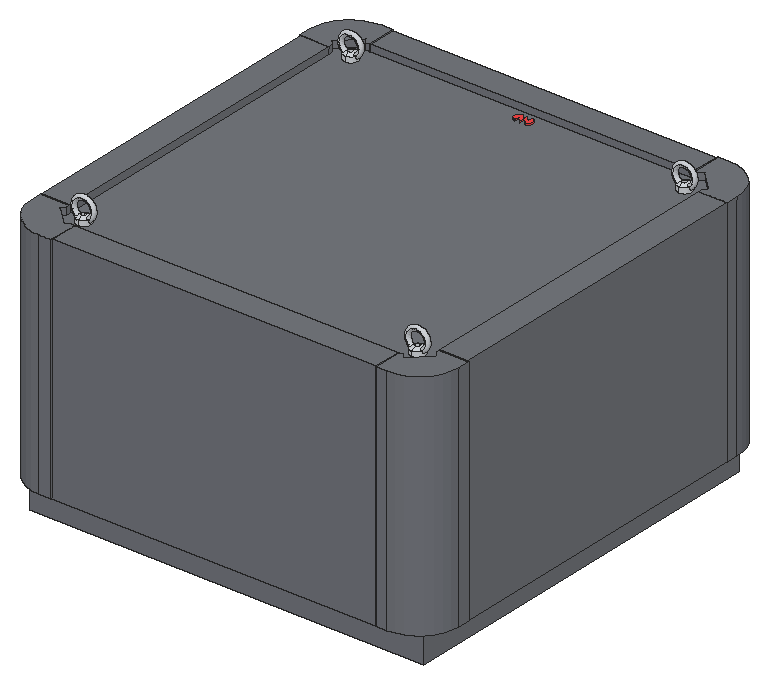
Revit family "NLRS_57_AIR_UN_design-penthouse-louvre-bdvn-exhaust_LT_sacs", category Air Terminals, Revit 2022
Family settings
  Round Connector Dimension = Use Diameter
  Part Type = Normal
  Work Plane-Based = No
  Always vertical = Yes
  Cut with Voids When Loaded = No
  Shared = No
  Room Calculation Point = No
Parameters (values of type "BDVNGB")
  URL = "https://solid-air.nl/producten/bdvn/"
  Type Comments = "Width x Length = aansluitmaat!"  # constant formula
  SACS_Width [instance] = 600.00 mm
  SACS_Warning_Text_Size [instance] = if(SACS_Warning_Size, "Invalid size: sizes adjusted!", " ")  # " "
  SACS_Warning_Text_Other [instance] = if(not(SACS_Standard_Color), "Colorchange € 157,-- per delivery and per color", " ")  # " "
  SACS_Warning_Size [instance] = not(and(SACS_Width = NLRS_M_c01_breedte, SACS_Length = NLRS_M_c01_hoogte))  # no
  SACS_Warning_Sign [instance] = if(and(not(SACS_Disable_Warning), SACS_Warning_Size), 1 = 1, 1 = 0)  # no
  SACS_Type_Mark [instance] = ""
  SACS_Standard_Color [instance] = yes
  SACS_Show_Arrows [instance] = yes
  SACS_Product_Cost [instance] = size_lookup(SACS_Data_Hidden, "Product_Cost", 0, SACS_Index1, SACS_Index2, 0.00 mm)  # 2770
  SACS_Price_Date [instance] = size_lookup(SACS_Data_Hidden, "Date", "NB", SACS_Index1, SACS_Index2, 0.00 mm, SACS_Index4)  # "10-07-2025"
  SACS_Option_cost2 [instance] = if(and(or(SACS_Base_Index = 3, SACS_Base_Index = 2), SACS_Product_Cost > 0), 40, 0)  # 40
  SACS_Option_cost1 [instance] = 0
  SACS_Option_3 [instance] = if(SACS_Index4 = 0.00 mm, "O = Niet van toepassing", "B = Bevestigingsstrips")  # "B = Bevestigingsstrips"
  SACS_Option_2 [instance] = "G = Aluminium gaas (standaard)"  # constant formula
  SACS_Option_1 [instance] = "BDVN"  # constant formula
  SACS_Model [instance] = size_lookup(SACS_Data_Hidden, SACS_Hidden_Text2, "NB", SACS_Index1, SACS_Index2, 0.00 mm, SACS_Index4)  # "BDVNGB 600x600x505 RAL7015-70"
  SACS_Length_Z [instance] = NLRS_C_hoogte - 99.00 mm  # 406.00 mm
  SACS_Length [instance] = 600.00 mm
  SACS_Index4 = if(SACS_Base_Index < 2, 0.00 mm, 1.00 mm)  # 1.00 mm
  SACS_Index3 = if(or(SACS_Base_Index = 0, SACS_Base_Index = 2), 0.00 mm, 1.00 mm)  # 0.00 mm
  SACS_Index2 [instance] = if(not(NLRS_M_c01_breedte < NLRS_M_c01_hoogte), NLRS_M_c01_breedte, NLRS_M_c01_hoogte)  # 600.00 mm
  SACS_Index1 [instance] = if(NLRS_M_c01_breedte < NLRS_M_c01_hoogte, NLRS_M_c01_breedte, NLRS_M_c01_hoogte)  # 600.00 mm
  SACS_Hidden_Text2 [instance] = if(SACS_Standard_Color, "Model7015-70", "Model_Custom")  # "Model7015-70"
  SACS_Hidden_Text [instance] = "GTIN7015-70"  # constant formula
  SACS_Height2 [instance] = NLRS_C_hoogte - 115.00 mm  # 390.00 mm
  SACS_Gross_Cost [instance] = SACS_Product_Cost + SACS_Option_cost1 + SACS_Option_cost2  # 2810
  SACS_Face_Color2 [instance] = NLRS_57_ral 7015-70-gaas_gen_sacs
  SACS_Face_Color [instance] = NLRS_57_ral 7015-70_gen_sacs
  SACS_Disable_Warning [instance] = no
  SACS_Data_Hidden = "BDVN"  # constant formula
  SACS_Custom_Color [instance] = ""
  SACS_Color [instance] = if(SACS_Standard_Color, "RAL7015-70", SACS_Custom_Color)  # "RAL7015-70"
  SACS_Base_Index = 2
  SACS_Article_Code [instance] = if(SACS_Standard_Color, size_lookup(SACS_Data_Hidden, SACS_Color, "NB", SACS_Index1, SACS_Index2, 0.00 mm, SACS_Index4), "NB")  # "NB"
  NLRS_M_c01_hoogte [instance] = if(roundup(SACS_Length / 50.00 mm) * 50.00 mm < 600.00 mm, 600.00 mm, if(roundup(SACS_Length / 50.00 mm) * 50.00 mm > 2400.00 mm, 2400.00 mm, roundup(SACS_Length / 50.00 mm) * 50.00 mm))  # 600.00 mm
  NLRS_M_c01_drukverlies_statisch [instance] = 0.0 Pa
  NLRS_M_c01_debiet [instance] = 0.0 L/s
  NLRS_M_c01_breedte [instance] = if(roundup(SACS_Width / 50.00 mm) * 50.00 mm < 600.00 mm, 600.00 mm, if(roundup(SACS_Width / 50.00 mm) * 50.00 mm > 1800.00 mm, 1800.00 mm, roundup(SACS_Width / 50.00 mm) * 50.00 mm))  # 600.00 mm
  NLRS_C_model [instance] = SACS_Model  # "BDVNGB 600x600x505 RAL7015-70"
  NLRS_C_materiaal_kleur [instance] = SACS_Color  # "RAL7015-70"
  NLRS_C_lengte [instance] = NLRS_M_c01_hoogte + 340.00 mm  # 940.00 mm
  NLRS_C_hoogte [instance] = size_lookup(SACS_Data_Hidden, "Hoogte", 590.00 mm, SACS_Index1, SACS_Index2)  # 505.00 mm
  NLRS_C_gtin_code [instance] = if(SACS_Standard_Color, size_lookup(SACS_Data_Hidden, SACS_Hidden_Text, "NB", SACS_Index1, SACS_Index2, 0.00 mm, SACS_Index4), "NB")  # "NB"
  NLRS_C_description = Description  # "Compacte Design aluminium uitblaas dakkap BDVN"
  NLRS_C_content_versie = "1.22.01"  # constant formula
  NLRS_C_content_provider = "Solid Air Climate Solutions"  # constant formula
  NLRS_C_content_datum_gewijzigd = "17-07-2025"  # constant formula
  NLRS_C_content_creator = "J.Feeke"  # constant formula
  NLRS_C_breedte [instance] = NLRS_M_c01_breedte + 340.00 mm  # 940.00 mm
  Model = "BDVN"  # constant formula
  Manufacturer = "Solid Air Climate Solutions"  # constant formula
  Description = "Compacte Design aluminium uitblaas dakkap BDVN"  # constant formula
  Default Elevation = 200.00 mm
  Assembly Code = "57.00"
Types (3, lengths in mm): name | SACS_Width | SACS_Product_Cost | SACS_Option_cost2 | SACS_Option_3 | SACS_Model | SACS_Length | SACS_Index4 | SACS_Index2 | SACS_Index1 | SACS_Gross_Cost | SACS_Disable_Warning | SACS_Base_Index | SACS_Article_Code | NLRS_M_c01_hoogte | NLRS_M_c01_breedte | NLRS_C_model | NLRS_C_lengte | NLRS_C_breedte
  (no name) | 600.00 | 2770 | 40 | "B = Bevestigingsstrips" | "BDVNGB 600x600x505 RAL7015-70" | 600.00 | 1.00 | 600.00 | 600.00 | 2810 | no | 2 | "NB" | 600.00 | 600.00 | "BDVNGB 600x600x505 RAL7015-70" | 940.00 | 940.00
  BDVNGO | 800.00 | 3814 | 0 | "O = Niet van toepassing" | "BDVNGO 800x800x505 RAL7015-70" | 800.00 | 0.00 | 800.00 | 800.00 | 3814 | yes | 0 | "8651002127" | 800.00 | 800.00 | "BDVNGO 800x800x505 RAL7015-70" | 1140.00 | 1140.00
  BDVNGB | 600.00 | 2770 | 40 | "B = Bevestigingsstrips" | "BDVNGB 600x600x505 RAL7015-70" | 600.00 | 1.00 | 600.00 | 600.00 | 2810 | no | 2 | "NB" | 600.00 | 600.00 | "BDVNGB 600x600x505 RAL7015-70" | 940.00 | 940.00
Reference planes
  plane 1 "Center (Front/Back)": y = 0
  plane 2: z = 0
  plane 3 "Center (Left/Right)": x = 0
  plane 4: y = 465
  plane 5: y = -465
  plane 6: x = -465
  plane 7: x = 465
  plane 8: y = 352.5
  plane 9: x = -352.5
  plane 10: x = 352.5
  plane 11: y = -352.5
  plane 12: y = -378.25
  plane 13: x = 378.25
  plane 14: x = -378.25
  plane 15: y = 378.25
  plane 16 "Top": z = 505
  plane 17 "Dak": z = 491
  plane 18: x = -300
  plane 19: x = 300
  plane 20: y = 300
  plane 21: y = -300
  plane 22: z = -65
Forms (mm)
  Extrusion 1, solid, material "NLRS_57_ral 7015-70_gen_sacs" <- "SACS_Face_Color", detail levels medium+fine
    sketch origin (0, 0, 0) x (1, 0, 0) y (0, 1, 0)
      loop
        arc (-378.25, 465) -> (-439.592, 439.592) -> (-465, 378.25) r 86.75
        line (-465, 378.25) -> (-465, 352.5) -> (-402, 352.5) -> (-402, 361) -> (-410.4, 369.5) -> (-369.5, 410.4) -> (-361, 402) -> (-352.5, 402) -> (-352.5, 465) -> (-378.25, 465)
      loop
        line (378.25, 465) -> (352.5, 465) -> (352.5, 402) -> (361, 402) -> (369.5, 410.4) -> (410.4, 369.5) -> (402, 361) -> (402, 352.5) -> (465, 352.5) -> (465, 378.25)
        arc (465, 378.25) -> (439.592, 439.592) -> (378.25, 465) r 86.75
      loop
        line (-378.25, -465) -> (-352.5, -465) -> (-352.5, -402) -> (-361, -402) -> (-369.5, -410.4) -> (-410.4, -369.5) -> (-402, -361) -> (-402, -352.5) -> (-465, -352.5) -> (-465, -378.25)
        arc (-465, -378.25) -> (-439.592, -439.592) -> (-378.25, -465) r 86.75
      loop
        arc (378.25, -465) -> (439.592, -439.592) -> (465, -378.25) r 86.75
        line (465, -378.25) -> (465, -352.5) -> (402, -352.5) -> (402, -361) -> (410.4, -369.5) -> (369.5, -410.4) -> (361, -402) -> (352.5, -402) -> (352.5, -465) -> (378.25, -465)
    from 0 to 505
  Extrusion 2, solid, material "NLRS_57_ral 7015-70-gaas_gen_sacs" <- "SACS_Face_Color2", detail levels medium+fine
    sketch origin (0, 0, 0) x (1, 0, 0) y (0, 1, 0)
      loop
        line (-361, 402) -> (-369.5, 410.4) -> (-410.4, 369.5) -> (-402, 361) -> (-402, -361) -> (-410.4, -369.5) -> (-369.5, -410.4) -> (-361, -402) -> (361, -402) -> (369.5, -410.4) -> (410.4, -369.5) -> (402, -361) -> (402, 361) -> (410.4, 369.5) -> (369.5, 410.4) -> (361, 402) -> (-361, 402)
    from 471 to 491
  Extrusion 3, solid, material "NLRS_57_ral 7015-70_gen_sacs", detail levels medium+fine
    sketch origin (0, 0, 0) x (1, 0, 0) y (0, 1, 0)
      loop
        line (-427.5, 427.5) -> (-427.5, -427.5) -> (427.5, -427.5) -> (427.5, 427.5) -> (-427.5, 427.5)
      loop
        line (428.5, -428.5) -> (428.5, 428.5) -> (-428.5, 428.5) -> (-428.5, -428.5) -> (428.5, -428.5)
    from -65 to 0
  Extrusion 4, solid, material "NLRS_57_ral 7015-70_gen_sacs" <- "SACS_Face_Color", detail levels medium+fine
    sketch origin (0, 0, 0) x (1, 0, 0) y (0, 1, 0)
      loop
        line (-463, 352.5) -> (-463, -352.5) -> (-402, -352.5) -> (-402, 352.5) -> (-463, 352.5)
      loop
        line (402, 352.5) -> (402, -352.5) -> (463, -352.5) -> (463, 352.5) -> (402, 352.5)
      loop
        line (-352.5, -402) -> (-352.5, -463) -> (352.5, -463) -> (352.5, -402) -> (-352.5, -402)
      loop
        line (-352.5, 463) -> (-352.5, 402) -> (352.5, 402) -> (352.5, 463) -> (-352.5, 463)
    from 0 to 505
Lines and regions (mm)
  model lines, detail levels coarse
    curve 1: line (-465, 465, 0) -> (465, 465, 0)
    curve 2: line (-465, -465, 0) -> (-465, 465, 0)
    curve 3: line (465, -465, 0) -> (-465, -465, 0)
    curve 4: line (465, 465, 0) -> (465, -465, 0)
    curve 5: line (465, 465, 0) -> (-465, -465, 0)
    curve 6: line (0, -465, 505) -> (0, 465, 505)
    curve 7: line (0, -465, 0) -> (0, -465, 505)
    curve 8: line (0, 465, 0) -> (0, -465, 0)
    curve 9: line (0, 465, 505) -> (0, 465, 0)
    curve 10: line (0, 465, 505) -> (0, -465, 0)
    curve 11: line (-465, 0, 505) -> (465, 0, 505)
    curve 12: line (-465, 0, 0) -> (-465, 0, 505)
    curve 13: line (465, 0, 0) -> (-465, 0, 0)
    curve 14: line (465, 0, 505) -> (465, 0, 0)
    curve 15: line (465, 0, 505) -> (-465, 0, 0)
Dimensions and locks
  locked: plane 11 to plane 5 at 112.5
  locked: plane 10 to plane 7 at 112.5
  locked: plane 4 to plane 8 at 112.5
  locked: plane 12 to plane 5 at 86.75
  locked: plane 13 to plane 7 at 86.75
  locked: plane 6 to plane 14 at 86.75
  locked: plane 4 to plane 15 at 86.75
  locked: plane 4 to Extrusion 1 sketch curve at 63  (x2)
  locked: plane 6 to Extrusion 1 sketch curve at 63  (x2)
  locked: plane 4 to Extrusion 1 sketch curve at 54.6  (x2)
  locked: Extrusion 1 sketch curve to plane 9 at 17  (x2)
  locked: plane 6 to Extrusion 1 sketch curve at 54.6
  locked: Extrusion 1 sketch curve to plane 8 at 17  (x2)
  locked: plane 8 to Extrusion 1 sketch curve at 8.5  (x2)
  locked: Extrusion 1 sketch curve to plane 9 at 8.5  (x2)
  locked: plane 6 to plane 9 at 112.5
  locked: Extrusion 1 sketch curve to plane 7 at 63  (x2)
  locked: Extrusion 1 sketch curve to plane 7 at 54.6  (x2)
  locked: plane 10 to Extrusion 1 sketch curve at 8.5  (x2)
  locked: plane 10 to Extrusion 1 sketch curve at 17  (x2)
  plane 6 to Extrusion 1 sketch curve = 54.60 mm
  locked: plane 11 to Extrusion 1 sketch curve at 8.5  (x2)
  locked: plane 11 to Extrusion 1 sketch curve at 17  (x2)
  locked: Extrusion 1 sketch curve to plane 5 at 54.6  (x2)
  locked: Extrusion 1 sketch curve to plane 5 at 63  (x2)
  locked: Extrusion 2 sketch curve to plane 5 at 63
  locked: Extrusion 2 sketch curve to plane 7 at 63
  locked: plane 4 to Extrusion 2 sketch curve at 63
  locked: plane 6 to Extrusion 2 sketch curve at 63
  plane 16 "Top" to plane 17 "Dak" = 14.00 mm
  "NLRS_C_hoogte": plane 16 "Top" to plane 2
  equal spacing: plane 18, plane 3 "Center (Left/Right)", plane 19
  "NLRS_M_c01_breedte": plane 18 to plane 19
  equal spacing: plane 20, plane 1 "Center (Front/Back)", plane 21
  "NLRS_M_c01_hoogte": plane 20 to plane 21
  locked: plane 6 to plane 18 at 165
  locked: plane 19 to plane 7 at 165
  locked: plane 4 to plane 20 at 165
  locked: plane 21 to plane 5 at 165
  locked: level to plane 22 at 65
  locked: plane 21 to Extrusion 3 sketch curve at 127.5
  plane 20 to Extrusion 3 sketch curve = 127.50 mm
  locked: Extrusion 3 sketch curve to plane 18 at 127.5
  locked: plane 19 to Extrusion 3 sketch curve at 127.5
  locked: plane 19 to Extrusion 3 sketch curve at 128.5
  locked: plane 21 to Extrusion 3 sketch curve at 128.5
  locked: Extrusion 3 sketch curve to plane 18 at 128.5
  Extrusion 3 sketch curve to plane 20 = 128.50 mm
  locked: plane 6 to Extrusion 4 sketch curve at 63
  locked: Extrusion 4 sketch curve to plane 7 at 63
  locked: Extrusion 4 sketch curve to plane 5 at 63
  locked: plane 4 to Extrusion 4 sketch curve at 63
  locked: plane 6 to nested 1 at 102
  locked: plane 4 to nested 1 at 102
  locked: nested 2 to plane 5 at 102
  locked: plane 6 to nested 2 at 102
  locked: nested 3 to plane 7 at 102
  locked: plane 4 to nested 3 at 102
  locked: nested 4 to plane 7 at 102
  locked: nested 4 to plane 5 at 102
  locked: plane 6 to Extrusion 4 sketch curve at 2
  locked: plane 4 to Extrusion 4 sketch curve at 2
  locked: Extrusion 4 sketch curve to plane 7 at 2
  locked: Extrusion 4 sketch curve to plane 5 at 2
  locked: Extrusion 2 sketch curve to plane 8 at 8.5  (x2)
  locked: Extrusion 2 sketch curve to plane 9 at 8.5  (x2)
  locked: Extrusion 2 sketch curve to plane 8 at 17  (x2)
  locked: Extrusion 2 sketch curve to plane 9 at 17  (x2)
  locked: plane 6 to Extrusion 2 sketch curve at 54.6  (x2)
  locked: plane 4 to Extrusion 2 sketch curve at 54.6  (x2)
  locked: plane 10 to Extrusion 2 sketch curve at 8.5
  locked: plane 10 to Extrusion 2 sketch curve at 17  (x2)
  locked: Extrusion 2 sketch curve to plane 7 at 54.6  (x2)
  locked: Extrusion 2 sketch curve to plane 5 at 54.6  (x2)
  locked: plane 11 to Extrusion 2 sketch curve at 8.5  (x2)
  locked: plane 11 to Extrusion 2 sketch curve at 17  (x2)
  locked: Extrusion 4 to Extrusion 2 sketch curve at 8.5
  locked: plane 5 to nested 8 at 175
  locked: nested 5 to plane 6 at 175
  locked: nested 7 to plane 4 at 175
  locked: plane 7 to nested 6 at 175
  locked: nested 9 to plane 16 "Top" at 100
  locked: nested 10 to plane 16 "Top" at 100
  aligned and locked: level to plane 2
  aligned and locked: plane 4 to Extrusion 1  (x2)
  aligned and locked: Extrusion 1 to plane 6
  aligned and locked: Extrusion 1 to plane 8
  aligned and locked: plane 17 "Dak" to Extrusion 2
  aligned and locked: plane 16 "Top" to Extrusion 1
  aligned and locked: Extrusion 2 to plane 17 "Dak"
  aligned and locked: level to Extrusion 3
  aligned and locked: Extrusion 3 to plane 22
  aligned and locked: plane 11 to Extrusion 4 sketch curve  (x2)
  aligned and locked: Extrusion 4 sketch curve to plane 8  (x2)
  aligned and locked: plane 16 "Top" to Extrusion 4
  aligned and locked: plane 10 to Extrusion 4 sketch curve  (x2)
  aligned and locked: plane 9 to Extrusion 4 sketch curve  (x2)
  aligned and locked: plane 17 "Dak" to nested 1
  aligned and locked: nested 2 to plane 17 "Dak"
  aligned and locked: nested 3 to plane 17 "Dak"
  aligned and locked: plane 17 "Dak" to nested 4
  aligned and locked: plane 1 "Center (Front/Back)" to nested 5
  aligned and locked: nested 6 to plane 1 "Center (Front/Back)"
  aligned and locked: nested 7 to plane 3 "Center (Left/Right)"
  aligned and locked: plane 3 "Center (Left/Right)" to nested 8
  aligned and locked: curve 1 to plane 4
  aligned and locked: plane 6 to curve 2
  aligned and locked: curve 4 to plane 7
  aligned and locked: plane 5 to curve 3
  aligned and locked: curve 6 to plane 16 "Top"
  aligned and locked: plane 5 to curve 7
  aligned and locked: curve 9 to plane 4
  aligned and locked: plane 2 to curve 8
  aligned and locked: nested 9 to plane 1 "Center (Front/Back)"
  aligned and locked: curve 11 to plane 16 "Top"
  aligned and locked: plane 6 to curve 12
  aligned and locked: curve 14 to plane 7
  aligned and locked: plane 2 to curve 13
  aligned and locked: plane 3 "Center (Left/Right)" to nested 10
  aligned and locked: plane 3 "Center (Left/Right)" to nested 11
  aligned and locked: nested 11 to plane 15
  aligned and locked: plane 1 "Center (Front/Back)" to nested 12
  aligned and locked: plane 3 "Center (Left/Right)" to nested 12
Automatic sketch dimensions
  Extrusion 1 sketch curve to plane 6 = 0.00 mm  (x2)
  Extrusion 1 sketch curve to plane 4 = 0.00 mm  (x2)
  Extrusion 1 sketch curve to plane 14 = 0.00 mm  (x2)
  Extrusion 1 sketch curve to plane 5 = 0.00 mm  (x2)
  Extrusion 1 sketch curve to plane 9 = 0.00 mm  (x2)
  Extrusion 1 sketch curve to plane 10 = 0.00 mm  (x2)
  Extrusion 1 sketch curve to plane 13 = 0.00 mm  (x2)
  Extrusion 1 sketch curve to plane 7 = 0.00 mm  (x2)
  Extrusion 1 sketch curve to plane 11 = 0.00 mm  (x2)
  Extrusion 1 sketch curve to plane 8 = 0.00 mm  (x2)
Nested families
  nested 1: "hoisting_eye" at (-363, 363, 491), type "hoisting_eye"
  nested 2: "hoisting_eye" at (-363, -363, 491), type "hoisting_eye"
  nested 3: "hoisting_eye" at (363, 363, 491) x (-1, 0, 0) z (0, 0, 1), type "hoisting_eye"
  nested 4: "hoisting_eye" at (363, -363, 491) x (-1, 0, 0) z (0, 0, 1), type "hoisting_eye"
  nested 5: "Arrow" at (-465, 0, 0) x (-1, 0, 0) z (0, 0, 1), visible <- "SACS_Show_Arrows", type "Arrow"
  nested 6: "Arrow" at (465, 0, 0), visible <- "SACS_Show_Arrows", type "Arrow"
  nested 7: "Arrow" at (0, 465, 0) x (0, 1, 0) z (0, 0, 1), visible <- "SACS_Show_Arrows", type "Arrow"
  nested 8: "Arrow" at (0, -465, 0) x (0, -1, 0) z (0, 0, 1), visible <- "SACS_Show_Arrows", type "Arrow"
  nested 9: "Arrow" at (0, 0, 605) x (0, 0, 1) z (1, 0, 0), visible <- "SACS_Show_Arrows", type "Arrow"
  nested 10: "Arrow" at (0, 0, 605) x (0, 0, 1) z (0, -1, 0), type "Arrow"
  nested 11: "logo_SACS" at (0, 378.25, 491), type "logo_SACS"
    with t 10.00 mm
  nested 12: "Warning_R22" at (0, 0, 0), visible <- "SACS_Warning_Sign", type "Warning_R22"
    with TW 103.20 mm, TH 150.00 mm, Scale 2, CO 100.00 mm, CD 100.00 mm, BW 80.00 mm, BH 24.00 mm
Connectors
  hvac at (0, 0, 0), driven by "NLRS_M_c01_hoogte", driven by "NLRS_M_c01_breedte", driven by "NLRS_M_c01_drukverlies_statisch", driven by "NLRS_M_c01_debiet"
    settings: on Extrusion 3, index 1, duct flow 0.0 L/s, flow factor 0, pres drop 0.0 Pa, loss coef 0, conn angle 0.00°, conn width 600 mm, conn height 600 mm, conn diameter 609.6 mm, duct sys type 2, conn prof type 1, flow config 1, flow direction 1, loss method 4, conn ref index -1, conn util no, is conn primary yes, conn desc "Uitblaas / Return Exhaust"
Definition of nested family "hoisting_eye"
  Parameters (values of type "hoisting_eye")
    Default Elevation = 0.00 mm
  Reference planes
    plane 1 "Center (Front/Back)": y = 0
    plane 2: z = 0
    plane 3 "Center (Left/Right)": x = 0
    plane 4: through (36.333, 36.333, 1200) normal (0.7071, -0.7071, 0)
    plane 5: through (-37.112, 37.112, 1200) normal (0.7071, 0.7071, 0)
  Forms (mm)
    Sweep 1, solid, detail levels medium+fine
      path origin (0, 0, 0) x (0, 1, 0) y (-1, 0, 0)
        loop
          circle (0, 0) r 15
      profile origin (-15, 0, 0) x (1, 0, 0) y (0, 0, 1)
        loop
          line (0, 0) -> (10, 0) -> (10, 13.959) -> (0, 10) -> (0, 0)
    Sweep 2, solid, detail levels medium+fine
      path in 3D
        loop
          arc (7.176, 0, 6.233) -> (-0.075, 0, 48) -> (-7.034, 0, 6.183) r 21.5
      profile origin (-0.075, 0, 48) x (0.003499, 0, -0.999994) y (0, -1, 0)
        loop
          circle (0, 0) r 5
  Cuts and joins
    joined: Sweep 1, Sweep 2
  Lines and regions (mm)
    model lines, not visible, detail levels medium+fine
      curve 1: arc (7.176, 0, 6.233) -> (-0.075, 0, 48) -> (-7.034, 0, 6.183) r 21.5
    sketch lines
      curve 2: arc (7.176, 0, 6.233) -> (-0.075, 0, 48) -> (-7.034, 0, 6.183) r 21.5
  Dimensions and locks
    aligned and locked: level to plane 2
Definition of nested family "logo_SACS"
  Parameters (values of type "logo_SACS")
    t = 5.00 mm
    Model = "LOD 400"
    Description = "Model type"
    Default Elevation = 1219.20 mm
  Reference planes
    plane 1 "Center (Front/Back)": y = 0
    plane 2: z = 0
    plane 3 "Center (Left/Right)": x = 0
    plane 4: z = 2
    plane 5: x = -10
    plane 6: y = -5
    plane 7: y = 5
    plane 8: x = -5
    plane 9: x = 5
    plane 10: x = 10
  Forms (mm)
    Extrusion 1, solid
      sketch origin (-547.644, -297.937, 0) x (1, 0, 0) y (0, 1, 0)
        loop
          arc (542.644, 302.937) -> (537.644, 297.937) -> (542.644, 292.937) r 5
          line (542.644, 292.937) -> (542.644, 297.937) -> (547.644, 292.937) -> (547.644, 297.937) -> (542.644, 302.937)
      from 0 to 2
    Extrusion 2, solid
      sketch origin (0, 0, 0) x (1, 0, 0) y (0, 1, 0)
        loop
          arc (5, -5) -> (10, 0) -> (5, 5) r 5
          line (5, 5) -> (5, 0) -> (0, 5) -> (0, 0) -> (5, -5)
      from 0 to 2
  Dimensions and locks
    "t": plane 7 to plane 1 "Center (Front/Back)"
    "t": plane 6 to plane 1 "Center (Front/Back)"
    "t": plane 5 to plane 8
    "t": plane 8 to plane 3 "Center (Left/Right)"
    "t": plane 3 "Center (Left/Right)" to plane 9
    "t": plane 9 to plane 10
    aligned and locked: level to plane 2
    aligned and locked: plane 4 to Extrusion 1
  Automatic sketch dimensions
    plane 1 "Center (Front/Back)" to Extrusion 1 sketch curve = 0.00 mm  (x3)
    Extrusion 1 sketch curve to plane 8 = 0.00 mm
    Extrusion 1 sketch curve to plane 7 = 0.00 mm
    Extrusion 1 sketch curve to plane 3 "Center (Left/Right)" = 0.00 mm
    Extrusion 1 sketch curve to plane 6 = 0.00 mm
    Extrusion 2 sketch curve to plane 3 "Center (Left/Right)" = 0.00 mm
    plane 1 "Center (Front/Back)" to Extrusion 2 sketch curve = 0.00 mm  (x3)
    Extrusion 2 sketch curve to plane 6 = 0.00 mm
    Extrusion 2 sketch curve to plane 9 = 0.00 mm
    Extrusion 2 sketch curve to plane 7 = 0.00 mm
Definition of nested family "Arrow"
  Parameters (values of type "Arrow")
    w = 30.00 mm
    Offset = 400.00 mm
    Arrow_Length = 175.00 mm  # constant formula
  Reference planes
    plane 1 "Center (Front/Back)": y = 0
    plane 2: z = 0
    plane 3 "Center (Left/Right)": x = 0
    plane 4: x = 175
    plane 5: x = 175
    plane 6: x = 0
    plane 7: y = 0
  Lines and regions (mm)
    Filled region 1, type "Solid Fill - Black", in view "Ref. Level"
      outline origin (-14.685, 0, 0) x (0, -1, 0) y (1, 0, 0)
        loop
          line (0, 189.685) -> (-30, 129.685) -> (30, 129.685) -> (0, 189.685)
    detail lines, in view "Ref. Level"
      curve 1: line (0, 0, 0) -> (152.343, 0, 0)
  Dimensions and locks
    locked: plane 3 "Center (Left/Right)" to plane 6
    "Arrow_Length": plane 3 "Center (Left/Right)" to plane 5
    locked: plane 1 "Center (Front/Back)" to Filled region 1 sketch curve
    locked: Filled region 1 sketch curve to plane 4
    locked: Filled region 1 sketch curve to plane 1 "Center (Front/Back)" at 30
    locked: plane 1 "Center (Front/Back)" to Filled region 1 sketch curve at 30
    locked: Filled region 1 sketch curve to plane 5 at 60
  Automatic sketch dimensions
    plane 1 "Center (Front/Back)" to curve 1 = 0.00 mm
    curve 1 to plane 3 "Center (Left/Right)" = 0.00 mm
    curve 1 to plane 4 = 22.657 mm
Definition of nested family "Warning_R22"
  Parameters (values of type "Warning_R22")
    TW = 51.60 mm * Scale  # 51.60 mm
    TH = 75.00 mm * Scale  # 75.00 mm
    Scale = 1
    CO = 50.00 mm * Scale  # 50.00 mm
    CD = 50.00 mm * Scale  # 50.00 mm
    BW = 40.00 mm * Scale  # 40.00 mm
    BH = 12.00 mm * Scale  # 12.00 mm
  Reference planes
    plane 1 "Center (Front/Back)": y = 0
    plane 2: z = 0
    plane 3 "Center (Left/Right)": x = 0
  Lines and regions (mm)
    Filled region 1, type "Solid Fill - Black", in view "Ref. Level"
      outline origin (0, 0, 0) x (1, 0, 0) y (0, 1, 0)
        loop
          line (-25.8, 75) -> (-20, -12) -> (20, -12) -> (25.8, 75) -> (-25.8, 75)
        loop
          circle (0, -50) r 25
  Dimensions and locks
    equal spacing: Filled region 1 sketch curve, plane 3 "Center (Left/Right)", Filled region 1 sketch curve  (x2)
    "TH": plane 1 "Center (Front/Back)" to Filled region 1 sketch curve
    "BH": Filled region 1 sketch curve to plane 1 "Center (Front/Back)"
    "CO": Filled region 1 sketch curve to plane 1 "Center (Front/Back)"
    "TW": Filled region 1 sketch curve to Filled region 1 sketch curve
    "BW": Filled region 1 sketch curve to Filled region 1 sketch curve
    "CD": diameter of Filled region 1 sketch curve
    aligned and locked: plane 3 "Center (Left/Right)" to Filled region 1 sketch curve
